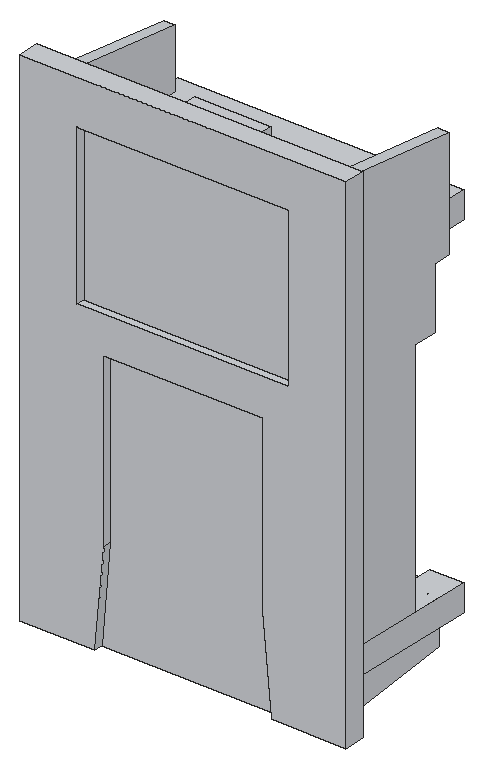
Revit family
Parameters
  Material ID = "760161109"
  Description = "LF80 FACEPLATE BLACK"
Reference planes (in)
  plane 1 "Center (Front/Back)": y = 0
  plane 2: z = 0
  plane 3 "Center (Left/Right)": x = 0
Forms (in)
  Extrusion 1, void, not visible
    sketch origin (0, 0, 0) x (1, 0, 0) y (0, 0, 1)
      loop
        line (-7.85662, 0.48089) -> (-7.85662, -0.39002) -> (-7.67285, -0.39002) -> (-7.67285, -0.64002) -> (-7.0736, -0.64002) -> (-7.0736, -0.39002) -> (-6.92978, -0.39002) -> (-6.92978, 0.48089) -> (-7.85662, 0.48089)
    from -3.79215 to 12
  Extrusion 2, void, not visible
    sketch origin (0, 0, 0) x (1, 0, 0) y (0, 0, 1)
      loop
        line (-8.21397, 0.42583) -> (-8.21397, -0.07417) -> (-8.08657, -0.07417) -> (-8.08657, -0.27417) -> (-7.83657, -0.27417) -> (-7.83657, -0.07417) -> (-7.72497, -0.07417) -> (-7.72497, 0.42583) -> (-8.21397, 0.42583)
    from 0.74059 to 3.34334
  Extrusion 3, solid
    sketch origin (0, 0, 0) x (1, 0, 0) y (0, 0, 1)
      loop
        line (-0.486, 0) -> (-0.486, -0.756) -> (0.486, -0.756) -> (0.486, 0.756) -> (-0.486, 0.756) -> (-0.486, 0)
    from 0 to 0.512
  Extrusion 4, void
    sketch origin (0, 0, 0) x (1, 0, 0) y (0, 0, 1)
      loop
        line (-0.486, 0.756) -> (-0.486, -0.756) -> (0.486, -0.756) -> (0.486, 0.756) -> (-0.486, 0.756)
      loop
        line (0.426, 0.489) -> (-0.426, 0.489) -> (-0.426, 0.409) -> (-0.376, 0.409) -> (-0.376, -0.561) -> (-0.426, -0.561) -> (-0.426, -0.641) -> (0.426, -0.641) -> (0.426, -0.561) -> (0.376, -0.561) -> (0.376, 0.409) -> (0.426, 0.409) -> (0.426, 0.489)
    from 0 to 0.45
  Extrusion 5, void
    sketch origin (0, 0, 0) x (1, 0, 0) y (0, 0, 1)
      loop
        line (0.326, 0.439) -> (-0.326, 0.439) -> (-0.326, 0.205) -> (0.326, 0.205) -> (0.326, 0.439)
      loop
        line (-0.326, -0.58901) -> (0.326, -0.58901) -> (0.326, 0.155) -> (-0.326, 0.155) -> (-0.326, -0.58901)
    from 0 to 0.45
  Extrusion 6, void
    sketch origin (0, 0, 0) x (0, 1, 0) y (0, 0, 1)
      loop
        line (0, -0.561) -> (0, 0.155) -> (0, 0.33829) -> (-0.1063, 0.33829) -> (-0.1063, 0.155) -> (-0.18174, 0.155) -> (-0.18174, -0.561) -> (0, -0.561)
    from -0.77686 to 12
  Extrusion 7, solid
    sketch origin (0, 0, 0) x (0, 1, 0) y (0, 0, 1)
      loop
        line (-0.05315, 0.33829) -> (-0.05315, 0.66645) -> (-0.45, 0.71518) -> (-0.45, -0.641) -> (-0.45, -0.73438) -> (-0.09087, -0.69029) -> (-0.09087, -0.561) -> (-0.18174, -0.561) -> (-0.18174, 0.155) -> (-0.1063, 0.155) -> (-0.1063, 0.33829) -> (-0.05315, 0.33829)
    from 0.39216 to 0.426
  Extrusion 8, solid
    sketch origin (0, 0, 0) x (0, 1, 0) y (0, 0, -1)
      loop
        line (-0.05315, -0.33829) -> (-0.1063, -0.33829) -> (-0.1063, -0.155) -> (-0.18174, -0.155) -> (-0.18174, 0.561) -> (-0.09087, 0.561) -> (-0.09087, 0.69029) -> (-0.45, 0.73438) -> (-0.45, 0.641) -> (-0.45, -0.71518) -> (-0.05315, -0.66645) -> (-0.05315, -0.33829)
    from 0.39216 to 0.426
  Extrusion 9, void
    sketch origin (0, 0, 0) x (1, 0, 0) y (0, 0, 1)
      loop
        line (-0.316, 0.623) -> (-0.316, 0.149) -> (0.315, 0.149) -> (0.315, 0.623) -> (-0.316, 0.623)
      loop
        line (-0.238, 0.039) -> (-0.238, -0.473) -> (-0.26276, -0.756) -> (0.26276, -0.756) -> (0.238, -0.473) -> (0.238, 0.039) -> (-0.238, 0.039)
    from 0.48669 to 0.51614
  Extrusion 10, solid
    sketch origin (0, 0, 0) x (1, 0, 0) y (0, 0, 1)
      loop
        line (0.13198, 0.70886) -> (-0.09355, 0.70886) -> (-0.09355, 0.64084) -> (0.13198, 0.64084) -> (0.13198, 0.70886)
      loop
        circle (0.02004, -0.69562) r 0.0393
    from 0.45 to 0.35124
Cuts and joins
  Extrusion 4, Extrusion 5, Extrusion 6, Extrusion 9 cuts Extrusion 3
